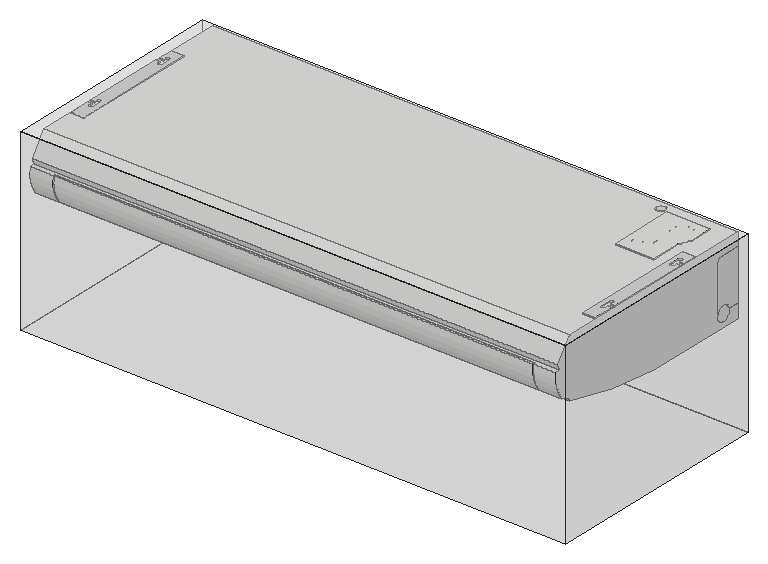
Revit family "outputfile", category 機械設備, Revit 2024
Family settings
  丸型コネクタ寸法 = 半径を使用
  パーツ タイプ = 標準
  OmniClass 番号 = 23.75.10.24.21.27.27
  OmniClass タイトル = Split System Air Conditioning Units
  作業面ベース = いいえ
  常に垂直 = はい
  ロード時にボイドで切り取り = いいえ
  注釈の向きを維持 = いいえ
  共有 = いいえ
  部屋計算ポイント = はい
Parameters (values of type "FHA125BVMA")
  Description = ""
  製造元 = "Daikin"
  書き出し IFC クラス(タイプ) = "IfcUnitaryEquipmentType"
  定義済み IFC タイプ(タイプ) = "AIRCONDITIONINGUNIT"
  Cost = 0
  モデル = "FHA125BVMA"
  Type Comments = ""
  Keynote = ""
  Type Image = (empty or 0)
  Assembly Code = ""
  switch_frequency = yes
  r_Liquid Pipe Size = Liquid Pipe Size / 2  # 4.75 mm
  r_Gas Pipe Size = Gas Pipe Size / 2  # 7.95 mm
  r_Drain Pipe Size = Drain Pipe Size / 2  # 10.0 mm
  l_powersupply [instance] = if(Rear Right Connection_powersupply, 29.0 mm, 175.0 mm)  # 29.0 mm
  h_mountinghole = 2.0 mm  # constant formula
  connector_voltage = Voltage_50Hz  # 230 V
  connector_powerinput = [Power Input (Cooling)]  # 3.650 kW
  connector_phase = Phase_50Hz  # 1
  angle_vertical_powersupply [instance] = if(Rear Right Connection_powersupply, 90.00°, 180.00°)  # 90.00°
  angle_vertical_drainpipe [instance] = if(or(Left Connection_drainpipe, Right Connection_drainpipe), 90.00°, if(Top Connection_drainpipe, 180.00°, -90.00°))  # -90.00°
  angle_horizontal_powersupply [instance] = if(Rear Right Connection_powersupply, 180.00°, 0.00°)  # 180.00°
  angle_horizontal_drainpipe [instance] = if(Right Connection_drainpipe, 90.00°, if(Left Connection_drainpipe, -90.00°, 0.00°))  # 0.00°
  Voltage_comment_60Hz = "220-230"
  Voltage_comment_50Hz = "220 - 240"
  Voltage_60Hz = 220 V
  Voltage_50Hz = 230 V
  URL = ""
  Total Heating Capacity [instance] = 0.000 kW
  Top Connection_refrigerant [instance] = no
  Top Connection_powersupply [instance] = not(Rear Right Connection_powersupply)  # no
  Right Connection_refrigerant [instance] = no
  Rear Right Connection_refrigerant [instance] = yes
  Power Input (Heating) = 4.210 kW
  Phase_60Hz = 1
  Phase_50Hz = 1
  Nominal Heating Capacity = 15.000 kW
  Minimum Circuit Amps_60Hz = 0.0 A
  Minimum Circuit Amps_50Hz = 0.0 A
  Maximum Fuse Amps_60Hz = 0.0 A
  Maximum Fuse Amps_50Hz = 0.0 A
  Material_Casing = DAIKIN_White_Casing_indoorunit
  lw_powersupply [instance] = if(Rear Right Connection_powersupply, 220.0 mm, 210.0 mm)  # 220.0 mm
  lw_mountinghole_pitch = Width - 40.0 mm  # 1550.0 mm
  lw_mountinghole = 20.0 mm  # constant formula
  lw_liquidpipe [instance] = if(Right Connection_refrigerant, 156.0 mm, if(Top Connection_refrigerant, 156.0 mm, 136.0 mm))  # 136.0 mm
  lw_gaspipe = 105.0 mm  # constant formula
  lw_drainpipe [instance] = if(Top Connection_drainpipe, 102.0 mm, if(Width = 960.0 mm, if(or(Left Connection_drainpipe, Rear Left Connection_drainpipe), 884.0 mm, 83.0 mm), if(Width = 1270.0 mm, if(or(Left Connection_drainpipe, Rear Left Connection_drainpipe), 1194.0 mm, 83.0 mm), if(Width = 1590.0 mm, if(or(Left Connection_drainpipe, Rear Left Connection_drainpipe), 1514.0 mm, 83.0 mm), 83.0 mm))))  # 83.0 mm
  lh_powersupply = 175.0 mm  # constant formula
  lh_liquidpipe [instance] = if(Rear Right Connection_refrigerant, 160.0 mm, 131.0 mm)  # 160.0 mm
  lh_gaspipe [instance] = if(Rear Right Connection_refrigerant, 150.0 mm, 91.0 mm)  # 150.0 mm
  lh_drainpipe = 197.0 mm  # constant formula
  l_antena = 1.0 mm  # constant formula
  ld_powersupply = 30.0 mm  # constant formula
  ld_mountinghole_pitch = 260.0 mm  # constant formula
  ld_mountinghole = 210.0 mm  # constant formula
  ld_liquidpipe [instance] = if(Right Connection_refrigerant, 57.0 mm, if(Top Connection_refrigerant, 189.0 mm, 221.0 mm))  # 221.0 mm
  ld_gaspipe [instance] = if(Right Connection_refrigerant, 57.0 mm, if(Top Connection_refrigerant, 163.0 mm, 214.0 mm))  # 214.0 mm
  ld_drainpipe [instance] = if(or(Left Connection_drainpipe, Right Connection_drainpipe), 57.0 mm, if(Top Connection_drainpipe, 87.0 mm, 268.0 mm))  # 268.0 mm
  l_liquidpipe_length [instance] = if(Right Connection_refrigerant, 156.0 mm, if(Top Connection_refrigerant, 131.0 mm, 220.0 mm))  # 220.0 mm
  l_gaspipe_length [instance] = if(Right Connection_refrigerant, 105.0 mm, if(Top Connection_refrigerant, 91.0 mm, 213.0 mm))  # 213.0 mm
  l_drainpipe_length [instance] = if(Right Connection_drainpipe, 83.0 mm, if(Top Connection_drainpipe, 197.0 mm, if(Left Connection_drainpipe, 76.0 mm, 267.0 mm)))  # 267.0 mm
  h*** = 0.0 mm  # constant formula
  angle_vertical [instance] = if(Right Connection_refrigerant, 90.00°, if(Top Connection_refrigerant, 180.00°, -90.00°))  # -90.00°
  angle_horizontal [instance] = if(Right Connection_refrigerant, 90.00°, 0.00°)  # 0.00°
  Width = 1590.0 mm
  Version = "ver.1.0"
  Unit Type = "Ceiling"
  Unit Mass Weight = 38.00 kg
  Unit Designation [instance] = ""
  Uniclass2015Version = "Products v1.30"
  Uniclass2015Title = "Split coil room air conditioning units"
  Uniclass2015Code = "Pr_70_65_03_86"
  Total Cooling Capacity [instance] = 0.000 kW
  Top Connection_drainpipe [instance] = no
  Sound Pressure Level_M speed (dBA) = 41
  Sound Pressure Level_L speed (dBA) = 37
  Sound Pressure Level_H speed (dBA) = 44
  Series = "SkyAir_Fan Coil Unit"
  Sensible Cooling Capacity [instance] = 0.000 kW
  Rear Right Connection_drainpipe [instance] = yes
  Rear Right Connection_powersupply [instance] = yes
  Right Connection_drainpipe [instance] = no
  Refrigerant Type = "R32"
  Power Input (Cooling) = 3.650 kW
  Option Accessory 3 [instance] = ""
  Option Accessory 2 [instance] = ""
  Option Accessory 1 [instance] = ""
  Nominal Cooling Capacity = 12.500 kW
  Minimum Airflow = 1380.00 m³/h
  Median Airflow = 1620.00 m³/h
  Maximum Airflow = 1860.00 m³/h
  Load Classification = HVAC
  Liquid Pipe Size = 9.5 mm
  Link_Nested Family [instance] = ""
  Rear Left Connection_drainpipe [instance] = no
  Left Connection_drainpipe [instance] = no
  IfcVersion = ""
  IfcExportType = "AIRCONDITIONINGUNIT"
  IfcExportAs = "IfcUnitaryEquipmentType"
  Height = 235.0 mm
  Heating Entering Wet Bulb Temperature [instance] = -273.15 °C
  Heating Entering Dry Bulb Temperature [instance] = -273.15 °C
  Heating Ambient Wet Bulb Temperature [instance] = -273.15 °C
  Heating Ambient Dry Bulb Temperature [instance] = -273.15 °C
  Heat Exchanger Type = "Cross Fin Coil"
  Gas Pipe Size = 15.9 mm
  Frequency_60Hz = 60 Hz
  Frequency_50Hz = 50 Hz
  Fan Type = "Sirocco Fan"
  Fan Drive = "-"
  FCU Tag No. [instance] = ""
  Drain Pipe Size = 20.0 mm
  Design Supply Airflow [instance] = 0.00 m³/h
  Design Outdoor Airflow [instance] = 0.00 m³/h
  Depth = 690.0 mm
  既定の高さ = 0.0 mm
  Cooling Entering Wet Bulb Temperature [instance] = 0.00 °C
  Cooling Entering Dry Bulb Temperature [instance] = 0.00 °C
  Cooling Ambient Wet Bulb Temperature [instance] = 0.00 °C
  Cooling Ambient Dry Bulb Temperature [instance] = 0.00 °C
  Clearance visibility [instance] = yes
  Clearance Top = 5.0 mm
  Clearance Right = 30.0 mm
  Clearance Rear = 0.0 mm
  Clearance Left = 30.0 mm
  Clearance Front = 0.0 mm
  Clearance Bottom = 300.0 mm
Reference planes
  plane 1 "Back": y = 0
  plane 2: z = 0
  plane 3 "Center (Left/Right)": x = 0
  plane 4 "Center (Front/Back)": y = -1
  plane 5 "Front": y = -690
  plane 6 "Left": x = -795
  plane 7 "Right": x = 795
  plane 8 "Top": z = 0
  plane 9 "Bottom": z = -235
  plane 10: y = -690
  plane 11: x = -825
  plane 12: x = 825
  plane 13: z = 5
  plane 14: z = -535
  plane 15: y = 0
  plane 16 "lw_mountinghole": x = -775
  plane 17 "lw_mountinghole2": x = 775
  plane 18 "ld_mountinghole": y = -210
  plane 19 "ld_mountinghole2": y = -470
  plane 20 "lw_gaspipe": x = 690
  plane 21 "ld_gaspipe": y = -214
  plane 22 "lh_gaspipe": z = -150
  plane 23 "lw_liquidpipe": x = 659
  plane 24 "ld_liquidpipe": y = -221
  plane 25 "lh_liquidpipe": z = -160
  plane 26 "ld_drainpipe": y = -268
  plane 27 "lw_drainpipe": x = 712
  plane 28 "lh_drainpipe": z = -197
  plane 29 "lw_powersupply": x = 575
  plane 30 "lh_powersupply": z = -175
  plane 31 "ld_powersupply": y = -30
  plane 32: x = -725.5
  plane 33: x = 725.5
  plane 34: x = -750
  plane 35: x = 750
  plane 36: x = -2
  plane 37: x = 2
Forms (mm)
  Extrusion 1, solid, material "DAIKIN_White_Casing_indoorunit" <- "Material_Casing"
    sketch origin (0, 0, 0) x (0, 1, 0) y (0, 0, 1)
      loop
        line (-639.277, 0) -> (-680.876, -61.699) -> (-675.026, -77.772)
        arc (-675.026, -77.772) -> (-681.815, -78.743) -> (-688.601, -79.732) r 2634.132
        arc (-688.601, -79.732) -> (-687.018, -121.096) -> (-669.159, -158.439) r 102.2
        line (-669.159, -158.439) -> (-639.858, -169.325) -> (-635.895, -178.261)
        arc (-635.895, -178.261) -> (-479.121, -215.759) -> (-319.077, -235) r 1400.997
        line (-319.077, -235) -> (-1, -235) -> (-1, 0) -> (-639.277, 0)
    from -795 to 795
  Extrusion 2, solid, material "DAIKIN_White_Casing_indoorunit" <- "Material_Casing"
    sketch origin (0, 0, 0) x (0, 1, 0) y (0, 0, 1)
      loop
        arc (-688.601, -79.732) -> (-687.018, -121.096) -> (-669.159, -158.439) r 102.2
        line (-669.159, -158.439) -> (-665.589, -154.869)
        arc (-665.589, -154.869) -> (-682.432, -118.783) -> (-683.39, -78.971) r 97.2
        arc (-683.39, -78.971) -> (-685.996, -79.351) -> (-688.601, -79.732) r 2634.132
    from -725.5 to 725.5
  Extrusion 3, void
    sketch origin (0, 0, 0) x (0, 1, 0) y (0, 0, 1)
      loop
        line (-301.098, -235) -> (-21.098, -235) -> (-21.098, -230) -> (-301.098, -230) -> (-301.098, -235)
    from -750 to 750
  Extrusion 4, solid, material "DAIKIN_White_Grille_indoorunit"
    sketch origin (0, 0, 0) x (0, 1, 0) y (0, 0, 1)
      loop
        line (-20.098, -230) -> (-301.098, -230) -> (-301.098, -235) -> (-20.098, -235) -> (-20.098, -230)
    from -750 to -2
  Extrusion 5, solid, material "DAIKIN_White_Casing_indoorunit" <- "Material_Casing"
    sketch origin (0, 0, 0) x (1, 0, 0) y (0, 0, 1)
      loop
        line (602, -63) -> (602, -178) -> (673, -220) -> (736, -220) -> (736, -63) -> (602, -63)
    from 0 to 1
  Extrusion 6, solid, material "DAIKIN_White_Casing_indoorunit" <- "Material_Casing"
    sketch origin (0, 0, 0) x (-1, 0, 0) y (0, -1, 0)
      loop
        line (-607, 35) -> (-607, 230) -> (-723, 230) -> (-723, 135) -> (-738, 105) -> (-738, 35) -> (-607, 35)
    from 0 to 1.9
  Extrusion 7, void
    sketch origin (795, 0, 0) x (0, 1, 0) y (0, 0, 1)
      loop
        arc (-79.5, -197) -> (-55.446, -219.446) -> (-34.715, -193.9) r 22.5
        line (-34.715, -193.9) -> (-1, -193.9) -> (-1, -192.1) -> (-35.04, -192.1)
        arc (-35.04, -192.1) -> (-54.942, -174.594) -> (-77.7, -188.182) r 22.5
        line (-77.7, -188.182) -> (-77.7, -45)
        arc (-77.7, -45) -> (-76.528, -42.172) -> (-73.7, -41) r 4
        line (-73.7, -41) -> (-1, -41) -> (-1, -39.2) -> (-73.7, -39.2)
        arc (-73.7, -39.2) -> (-77.801, -40.899) -> (-79.5, -45) r 5.8
        line (-79.5, -45) -> (-79.5, -197)
      loop
        circle (-57, -197) r 20.7
    from 0 to -10
  Extrusion 8, void
    sketch origin (-1444.026, -1, 1200) x (1, 0, 0) y (0, 0, 1)
      loop
        arc (715.026, -1375) -> (704.42, -1379.393) -> (700.026, -1390) r 15
        line (700.026, -1390) -> (700.026, -1400)
        arc (700.026, -1400) -> (704.42, -1410.607) -> (715.026, -1415) r 15
        line (715.026, -1415) -> (745.026, -1415)
        arc (745.026, -1415) -> (755.633, -1410.607) -> (760.026, -1400) r 15
        line (760.026, -1400) -> (760.026, -1390)
        arc (760.026, -1390) -> (755.633, -1379.393) -> (745.026, -1375) r 15
        line (745.026, -1375) -> (715.026, -1375)
    from 0 to 10
  Extrusion 9, void
    sketch origin (-795, 0, 0) x (0, 1, 0) y (0, 0, 1)
      loop
        circle (-57, -197) r 22.5
    from 0 to 10
  Extrusion 10, void
    sketch origin (-1444.026, -1, 1200) x (1, 0, 0) y (0, 0, 1)
      loop
        circle (2136.026, -1375) r 44
    from 0 to 10
  Extrusion 11, void
    sketch origin (0, 0, 0) x (-1, 0, 0) y (0, -1, 0)
      loop
        circle (-693, 87) r 30
    from 0 to -10
  Extrusion 12, void
    sketch origin (0, 0, 0) x (-1, 0, 0) y (0, -1, 0)
      loop
        circle (-690, 163) r 18
    from 0 to -10
  Extrusion 13, void
    sketch origin (0, 0, 0) x (-1, 0, 0) y (0, -1, 0)
      loop
        circle (-639, 189) r 13
    from 0 to -10
  Extrusion 14, void
    sketch origin (-1444.026, -1, 1200) x (1, 0, 0) y (0, 0, 1)
      loop
        circle (2019.026, -1375) r 14.5
    from 0 to 10
  Extrusion 15, void
    sketch origin (0, 0, 0) x (-1, 0, 0) y (0, -1, 0)
      loop
        circle (-585, 30) r 14.5
    from 0 to -10
  Extrusion 16, void
    sketch origin (795, 0, 0) x (0, 1, 0) y (0, 0, 1)
      loop
        arc (-665.589, -154.869) -> (-682.432, -118.783) -> (-683.39, -78.971) r 97.2
        arc (-683.39, -78.971) -> (-685.996, -79.351) -> (-688.601, -79.732) r 2634.132
        arc (-688.601, -79.732) -> (-687.018, -121.096) -> (-669.159, -158.439) r 102.2
        line (-669.159, -158.439) -> (-665.589, -154.869)
    from -69.5 to -1520.5
  Extrusion 17, solid, material "DAIKIN_White_Casing_indoorunit" <- "Material_Casing"
    sketch origin (-795, 0, 0) x (0, 1, 0) y (0, 0, 1)
      loop
        circle (-57, -197) r 22.5
    from 0 to 10
  Extrusion 18, solid, material "DAIKIN_White_Grille_indoorunit"
    sketch origin (780, 0, 0) x (0, 1, 0) y (0, 0, 1)
      loop
        line (-20.098, -230) -> (-301.098, -230) -> (-301.098, -235) -> (-20.098, -235) -> (-20.098, -230)
    from -782 to -778
  Extrusion 19, solid, material "DAIKIN_White_Grille_indoorunit"
    sketch origin (0, 0, 0) x (0, 1, 0) y (0, 0, -1)
      loop
        line (-20.098, 230) -> (-20.098, 235) -> (-301.098, 235) -> (-301.098, 230) -> (-20.098, 230)
    from -750 to -2
Cuts and joins
  Extrusion 3, Extrusion 7, Extrusion 8, Extrusion 9, Extrusion 10, Extrusion 11, Extrusion 12, Extrusion 13, Extrusion 14, Extrusion 15, Extrusion 16 cuts Extrusion 1
Lines and regions (mm)
  reference lines
    curve 1: line (795, -580.282, -192.75) -> (795, -551.225, -200.21)
Dimensions and locks
  equal spacing: plane 6 "Left", plane 3 "Center (Left/Right)", plane 7 "Right"
  "Width": plane 6 "Left" to plane 7 "Right"
  "Depth": plane 5 "Front" to plane 1 "Back"
  "Height": plane 8 "Top" to plane 9 "Bottom"
  "Clearance Front": plane 10 to plane 5 "Front"
  "Clearance Left": plane 11 to plane 6 "Left"
  "Clearance Right": plane 7 "Right" to plane 12
  "Clearance Top": plane 13 to plane 8 "Top"
  "Clearance Bottom": plane 9 "Bottom" to plane 14
  "Clearance Rear": plane 1 "Back" to plane 15
  locked: plane 4 "Center (Front/Back)" to plane 1 "Back" at 1
  locked: Extrusion 1 sketch curve to Extrusion 1 sketch curve at 235
  locked: Extrusion 1 sketch curve to Extrusion 1 sketch curve at 318.077
  locked: Extrusion 1 sketch curve to Extrusion 1 sketch curve at 1163.297
  locked: Extrusion 1 sketch curve to Extrusion 1 sketch curve at 231.144
  Extrusion 3 sketch curve to Extrusion 3 sketch curve to plane 1 "Back" = 280.0 mm locked, 21.098 mm locked
  "ld_mountinghole": plane 18 "ld_mountinghole" to plane 1 "Back"
  "ld_mountinghole_pitch": plane 18 "ld_mountinghole" to plane 19 "ld_mountinghole2"
  "lw_mountinghole_pitch": plane 16 "lw_mountinghole" to plane 17 "lw_mountinghole2"
  "lw_mountinghole": plane 6 "Left" to plane 16 "lw_mountinghole"
  "lw_gaspipe": plane 20 "lw_gaspipe" to plane 7 "Right"
  "ld_gaspipe": plane 1 "Back" to plane 21 "ld_gaspipe"
  "lw_liquidpipe": plane 23 "lw_liquidpipe" to plane 7 "Right"
  "ld_liquidpipe": plane 1 "Back" to plane 24 "ld_liquidpipe"
  "lw_drainpipe": plane 27 "lw_drainpipe" to plane 7 "Right"
  "ld_drainpipe": plane 26 "ld_drainpipe" to plane 1 "Back"
  plane 8 "Top" to Extrusion 5 sketch curve to Extrusion 5 sketch curve = 63.0 mm locked, 157.0 mm locked
  plane 7 "Right" to Extrusion 5 sketch curve to Extrusion 5 sketch curve = 59.0 mm locked, 134.0 mm locked
  locked: Extrusion 5 sketch curve to Extrusion 5 sketch curve at 115
  locked: Extrusion 5 sketch curve to Extrusion 5 sketch curve at 63
  locked: Extrusion 6 sketch curve to Extrusion 6 sketch curve at 195
  locked: Extrusion 6 sketch curve to Extrusion 6 sketch curve at 116
  locked: Extrusion 6 sketch curve to Extrusion 6 sketch curve at 131
  locked: Extrusion 6 sketch curve to Extrusion 6 sketch curve at 100
  locked: Extrusion 6 sketch curve to plane 1 "Back" at 35
  locked: Extrusion 6 sketch curve to plane 7 "Right" at 57
  locked: Extrusion 8 sketch curve to Extrusion 8 sketch curve at 40
  locked: Extrusion 8 sketch curve to Extrusion 8 sketch curve at 60
  locked: plane 8 "Top" to Extrusion 8 sketch curve at 175
  locked: Extrusion 8 sketch curve to plane 6 "Left" at 51
  locked: plane 7 "Right" to Extrusion 10 sketch curve at 103
  locked: plane 8 "Top" to Extrusion 10 sketch curve at 175
  locked: Extrusion 11 sketch curve to plane 1 "Back" at 87
  locked: Extrusion 11 sketch curve to plane 7 "Right" at 102
  locked: Extrusion 12 sketch curve to plane 1 "Back" at 163
  locked: Extrusion 12 sketch curve to plane 7 "Right" at 105
  locked: Extrusion 13 sketch curve to plane 1 "Back" at 189
  locked: Extrusion 13 sketch curve to plane 7 "Right" at 156
  "lw_powersupply": plane 29 "lw_powersupply" to plane 7 "Right"
  "lh_gaspipe": plane 8 "Top" to plane 22 "lh_gaspipe"
  "lh_liquidpipe": plane 8 "Top" to plane 25 "lh_liquidpipe"
  "lh_powersupply": plane 8 "Top" to plane 30 "lh_powersupply"
  "lh_drainpipe": plane 8 "Top" to plane 28 "lh_drainpipe"
  "ld_powersupply": plane 1 "Back" to plane 31 "ld_powersupply"
  locked: plane 8 "Top" to Extrusion 7 sketch curve at 197
  locked: Extrusion 7 sketch curve to plane 1 "Back" at 57
  locked: plane 9 "Bottom" to Extrusion 7 sketch curve at 41.1
  locked: Extrusion 7 sketch curve to plane 8 "Top" at 41
  locked: Extrusion 7 sketch curve to plane 1 "Back" at 79.5
  locked: Extrusion 9 sketch curve to plane 1 "Back" at 57
  locked: plane 8 "Top" to Extrusion 9 sketch curve at 197
  locked: Extrusion 17 sketch curve to plane 1 "Back" at 57
  locked: plane 8 "Top" to Extrusion 17 sketch curve at 197
  locked: plane 7 "Right" to Extrusion 14 sketch curve at 220
  locked: plane 8 "Top" to Extrusion 14 sketch curve at 175
  locked: Extrusion 15 sketch curve to plane 7 "Right" at 210
  locked: Extrusion 15 sketch curve to plane 1 "Back" at 30
  locked: curve 1 to plane 9 "Bottom" at 34.79
  locked: curve 1 to plane 9 "Bottom" at 42.25
  locked: plane 6 "Left" to plane 32 at 69.5
  locked: plane 33 to plane 7 "Right" at 69.5
  locked: plane 35 to plane 7 "Right" at 45
  locked: plane 6 "Left" to plane 34 at 45
  plane 36 to plane 3 "Center (Left/Right)" to plane 37 = 2.0 mm locked, 2.0 mm locked
  locked: curve 1 to plane 9 "Bottom" (angle 14.40°)
  aligned and locked: level to plane 2
  aligned and locked: nested 1 to plane 11
  aligned and locked: nested 1 to plane 12
  aligned and locked: nested 1 to plane 10
  aligned and locked: plane 13 to nested 1
  aligned and locked: plane 14 to nested 1
  aligned and locked: plane 15 to nested 1
  aligned and locked: Extrusion 1 sketch curve to plane 8 "Top"
  aligned and locked: Extrusion 2 sketch curve to Extrusion 1  (x2)
  aligned and locked: plane 7 "Right" to Extrusion 1
  aligned and locked: Extrusion 1 to plane 6 "Left"
  aligned and locked: cut or joined group 1 (Extrusion 1, Extrusion 3, Extrusion 7, Extrusion 8, Extrusion 9, Extrusion 10, Extrusion 11, Extrusion 12, Extrusion 13, Extrusion 14, Extrusion 15, Extrusion 16) to Extrusion 3 sketch curve
  aligned and locked: cut or joined group 1 to Extrusion 4 sketch curve
  aligned and locked: Extrusion 5 to plane 4 "Center (Front/Back)"
  aligned and locked: Extrusion 7 sketch curve to plane 4 "Center (Front/Back)"
  aligned and locked: Extrusion 16 sketch curve to Extrusion 2  (x4)
  aligned and locked: Extrusion 16 to Extrusion 2  (x2)
  aligned and locked: nested 2 to plane 26 "ld_drainpipe"
  aligned and locked: plane 27 "lw_drainpipe" to nested 2
  aligned and locked: plane 20 "lw_gaspipe" to nested 3
  aligned and locked: nested 3 to plane 21 "ld_gaspipe"
  aligned and locked: plane 23 "lw_liquidpipe" to nested 4
  aligned and locked: nested 4 to plane 24 "ld_liquidpipe"
  aligned and locked: plane 25 "lh_liquidpipe" to nested 4
  aligned and locked: nested 5 to plane 31 "ld_powersupply"
  aligned and locked: plane 29 "lw_powersupply" to nested 5
  aligned and locked: nested 7 to plane 18 "ld_mountinghole"
  aligned and locked: plane 16 "lw_mountinghole" to nested 7
  aligned and locked: nested 6 to plane 19 "ld_mountinghole2"
  aligned and locked: plane 16 "lw_mountinghole" to nested 6
  aligned and locked: nested 9 to plane 18 "ld_mountinghole"
  aligned and locked: plane 17 "lw_mountinghole2" to nested 9
  aligned and locked: plane 17 "lw_mountinghole2" to nested 8
  aligned and locked: nested 8 to plane 19 "ld_mountinghole2"
  aligned and locked: nested 10 to curve 1
  aligned and locked: level to plane 8 "Top"
  aligned and locked: cut or joined group 1 to plane 32
  aligned and locked: plane 33 to cut or joined group 1
  aligned and locked: Extrusion 16 to plane 32
  aligned and locked: plane 33 to Extrusion 16
  aligned and locked: Extrusion 4 to plane 34
  aligned and locked: cut or joined group 1 to plane 34
  aligned and locked: plane 34 to Extrusion 4  (x3)
  aligned and locked: plane 16 "lw_mountinghole" to nested 11
  aligned and locked: plane 17 "lw_mountinghole2" to nested 12
  aligned and locked: plane 36 to Extrusion 4
  aligned and locked: Extrusion 18 to plane 36
  aligned and locked: plane 37 to Extrusion 18
  aligned and locked: Extrusion 19 to plane 37
  aligned and locked: plane 37 to Extrusion 19
  aligned and locked: plane 35 to Extrusion 19
  aligned and locked: plane 35 to Extrusion 3
  aligned and locked: Extrusion 4 to cut or joined group 1
  aligned and locked: cut or joined group 1 to Extrusion 18
  aligned and locked: cut or joined group 1 to Extrusion 19
Automatic sketch dimensions
  Extrusion 1 sketch curve to plane 4 "Center (Front/Back)" = 0.0 mm
  Extrusion 1 sketch curve to plane 5 "Front" = 102.2 mm
  Extrusion 1 sketch curve to plane 30 "lh_powersupply" = 3.261 mm
  Extrusion 1 sketch curve to plane 5 "Front" = 50.723 mm
  plane 30 "lh_powersupply" to Extrusion 1 sketch curve = 5.675 mm
  Extrusion 1 sketch curve to Extrusion 1 sketch curve = 3.963 mm
  plane 25 "lh_liquidpipe" to Extrusion 1 sketch curve = 1.561 mm
  Extrusion 1 sketch curve to plane 5 "Front" = 20.841 mm
  Extrusion 1 sketch curve to plane 5 "Front" = 14.974 mm
  Extrusion 1 sketch curve to plane 5 "Front" = 9.124 mm
  Extrusion 1 sketch curve to plane 26 "ld_drainpipe" = 37.278 mm
  Extrusion 1 sketch curve to plane 14 = 2150.825 mm
  plane 22 "lh_gaspipe" to Extrusion 1 sketch curve = 53.413 mm
  Extrusion 1 sketch curve to level = 77.772 mm
  Extrusion 1 sketch curve to Extrusion 1 sketch curve = 16.072 mm
  Extrusion 2 sketch curve to Extrusion 2 sketch curve = 0.0 mm  (x2)
  plane 25 "lh_liquidpipe" to Extrusion 2 sketch curve = 1.561 mm
  Extrusion 2 sketch curve to plane 22 "lh_gaspipe" = 4.869 mm
  Extrusion 2 sketch curve to Extrusion 2 sketch curve = 3.57 mm
  Extrusion 3 sketch curve to Extrusion 3 sketch curve = 5.0 mm
  plane 31 "ld_powersupply" to Extrusion 4 sketch curve = 9.902 mm
  Extrusion 4 sketch curve to Extrusion 4 sketch curve = 5.0 mm
  Extrusion 6 sketch curve to Extrusion 6 sketch curve = 30.0 mm
  Extrusion 7 sketch curve to Extrusion 7 sketch curve = 0.0 mm  (x6)
  Extrusion 7 sketch curve to plane 4 "Center (Front/Back)" = 0.0 mm
  Extrusion 7 sketch curve to Extrusion 7 sketch curve = 1.8 mm  (x2)
  Extrusion 7 sketch curve to Extrusion 7 sketch curve = 4.0 mm
  Extrusion 7 sketch curve to Extrusion 7 sketch curve = 0.325 mm
  Extrusion 8 sketch curve to plane 32 = 3.5 mm  (x2)
  Extrusion 8 sketch curve to plane 28 "lh_drainpipe" = 3.0 mm
  Extrusion 8 sketch curve to Extrusion 8 sketch curve = 15.0 mm
  curve 1 to plane 5 "Front" = 109.718 mm
  Extrusion 18 sketch curve to plane 9 "Bottom" = 0.0 mm
  plane 9 "Bottom" to Extrusion 18 sketch curve = 5.0 mm
  Extrusion 18 sketch curve to plane 26 "ld_drainpipe" = 33.098 mm
  plane 31 "ld_powersupply" to Extrusion 18 sketch curve = 9.902 mm
  Extrusion 19 sketch curve to plane 9 "Bottom" = 0.0 mm
  plane 9 "Bottom" to Extrusion 19 sketch curve = 5.0 mm
  Extrusion 19 sketch curve to plane 26 "ld_drainpipe" = 33.098 mm
  plane 31 "ld_powersupply" to Extrusion 19 sketch curve = 9.902 mm
  Extrusion 4 sketch curve to plane 26 "ld_drainpipe" = 33.098 mm
  radius of Extrusion 7 sketch curve = 20.7 mm
  radius of Extrusion 9 sketch curve = 22.5 mm
  radius of Extrusion 10 sketch curve = 44.0 mm
  radius of Extrusion 11 sketch curve = 30.0 mm
  radius of Extrusion 12 sketch curve = 18.0 mm
  radius of Extrusion 13 sketch curve = 13.0 mm
  radius of Extrusion 14 sketch curve = 14.5 mm
  radius of Extrusion 15 sketch curve = 14.5 mm
  radius of Extrusion 17 sketch curve = 22.5 mm
Nested families
  nested 1: "daikin_clearancespace" at (0, -345, -264.881), visible <- "Clearance visibility", show <- "Clearance visibility", Link_Nested Family <- "Link_Nested Family", type "daikin_clearancespace"
    with width 1650.0 mm, show yes, height 540.0 mm, depth 690.0 mm, Link_Nested Family ""
  nested 2: "daikin_connector_rotate3" at (712, -268, -197), radius <- "r_Drain Pipe Size", angle_vertical <- "angle_vertical_drainpipe", angle_horizontal <- "angle_horizontal_drainpipe", length <- "l_drainpipe_length", type "daikin_connector_rotate3"
    with show no, radius 10.0 mm, length 267.0 mm, angle_vertical -90.00°, angle_horizontal 0.00°
  nested 3: "daikin_connector_rotate3" at (690, -214, -150), radius <- "r_Gas Pipe Size", angle_vertical <- "angle_vertical", angle_horizontal <- "angle_horizontal", length <- "l_gaspipe_length", type "daikin_connector_rotate3"
    with show no, radius 7.95 mm, length 213.0 mm, angle_vertical -90.00°, angle_horizontal 0.00°
  nested 4: "daikin_connector_rotate3" at (659, -221, -160), radius <- "r_Liquid Pipe Size", angle_vertical <- "angle_vertical", angle_horizontal <- "angle_horizontal", length <- "l_liquidpipe_length", type "daikin_connector_rotate3"
    with show no, radius 4.75 mm, length 220.0 mm, angle_vertical -90.00°, angle_horizontal 0.00°
  nested 5: "daikin_connector_rotate3" at (575, -30, -175), length <- "l_powersupply", angle_vertical <- "angle_vertical_powersupply", angle_horizontal <- "angle_horizontal_powersupply", type "daikin_connector_rotate3"
    with show no, radius 10.0 mm, length 29.0 mm, angle_vertical 90.00°, angle_horizontal 180.00°
  nested 6: "daikin_mountinghole" at (-775, -470, 0), l_antenna <- "l_antena", Link_Nested Family <- "Link_Nested Family", h_mountinghole <- "h_mountinghole", type "daikin_mountinghole"
    with show yes, l_antenna 1.0 mm, h_mountinghole 2.0 mm, Link_Nested Family ""
  nested 7: "daikin_mountinghole" at (-775, -210, 0), l_antenna <- "l_antena", Link_Nested Family <- "Link_Nested Family", h_mountinghole <- "h_mountinghole", type "daikin_mountinghole"
    with show yes, l_antenna 1.0 mm, h_mountinghole 2.0 mm, Link_Nested Family ""
  nested 8: "daikin_mountinghole" at (775, -470, 0), l_antenna <- "l_antena", Link_Nested Family <- "Link_Nested Family", h_mountinghole <- "h_mountinghole", type "daikin_mountinghole"
    with show yes, l_antenna 1.0 mm, h_mountinghole 2.0 mm, Link_Nested Family ""
  nested 9: "daikin_mountinghole" at (775, -210, 0), Link_Nested Family <- "Link_Nested Family", l_antenna <- "l_antena", h_mountinghole <- "h_mountinghole", type "daikin_mountinghole"
    with show yes, l_antenna 1.0 mm, h_mountinghole 2.0 mm, Link_Nested Family ""
  nested 10: "daikin_logo_plane_w40" at (647.963, -559.801, -198.008) x (1, 0, 0) z (0, -0.2487, -0.9686), type "daikin_logo_plane_w40"
    with show_logo yes
  nested 11: "daikin_hangerfixture_FHA-BVMA" at (-775, 0, 0), type "daikin_hangerfixture_FHA-BVMA"
    with width 38.0 mm, height 2.0 mm, depth 380.0 mm
  nested 12: "daikin_hangerfixture_FHA-BVMA" at (775, 0, 0) x (-1, 0, 0) z (0, 0, 1), type "daikin_hangerfixture_FHA-BVMA"
    with width 38.0 mm, height 2.0 mm, depth 380.0 mm
Connectors
  piping at (712, -1, -197), diameter 20, driven by "r_Drain Pipe Size"
    settings: on nested 2, index 1, connector inside diameter 609.6 mm, connector length 0.0 mm, flow factor 0, pipe flow 0.00 m³/h, pressure drop 0.0 Pa, fitting loss kfactor 0, connector angle 0.00°, fixture units 0, engagement length 0.0 mm, angle of deflection 0.00°, flow configuration 1, flow direction 2, fitting loss method 4, system type 16, joint type 0, gender type 0, connector reference index -1, connector utility 0, adjustable connector no, is connector primary yes, connector description "Condensate Drain Piping"
  piping at (690, -1, -150), diameter 15.9, driven by "r_Gas Pipe Size"
    settings: on nested 3, index 3, connector inside diameter 609.6 mm, connector length 0.0 mm, flow factor 0, pipe flow 0.00 m³/h, pressure drop 0.0 Pa, fitting loss kfactor 0, connector angle 0.00°, fixture units 0, engagement length 0.0 mm, angle of deflection 0.00°, flow configuration 1, flow direction 2, fitting loss method 0, system type 29, joint type 0, gender type 0, connector reference index -1, connector utility 0, adjustable connector no, is connector primary no, connector description "Refrigerant Gas Piping"
  piping at (659, -1, -160), diameter 9.5, driven by "r_Liquid Pipe Size"
    settings: on nested 4, index 4, connector inside diameter 609.6 mm, connector length 0.0 mm, flow factor 0, pipe flow 0.00 m³/h, pressure drop 0.0 Pa, fitting loss kfactor 0, connector angle 0.00°, fixture units 0, engagement length 0.0 mm, angle of deflection 0.00°, flow configuration 1, flow direction 1, fitting loss method 0, system type 29, joint type 0, gender type 0, connector reference index -1, connector utility 0, adjustable connector no, is connector primary no, connector description "Refrigerant Liquid Piping"
  electrical at (575, -1, -175), driven by "Load Classification", driven by "connector_powerinput", driven by "connector_phase", driven by "connector_voltage"
    settings: on nested 5, index 6, voltage 230 V, apparent load 3650 VA, apparent load phase1 0 VA, apparent load phase2 0 VA, apparent load phase3 0 VA, power factor 1, load classification "HVAC", number of poles 1, system type 30, power factor state 1, is connector primary yes, connector utility no, sub classification motor no, connector description "Power Supply"
Definition of nested family "daikin_clearancespace"
  Parameters (values of type "daikin_clearancespace")
    Description = "daikin_clearancespace"
    width [instance] = 1823.963 mm
    show [instance] = yes
    material = none
    height [instance] = 1359.762 mm
    depth [instance] = 880.0 mm
    Default Elevation = 0.0 mm
    Link_Nested Family [instance] = ""
  Reference planes
    plane 1 "Center (Front/Back)": y = 0
    plane 2 "Center (Elevation)": z = -0.119
    plane 3 "Center (Left/Right)": x = 0
    plane 4: y = 440
    plane 5: y = -440
    plane 6 "Right": x = 911.982
    plane 7 "Left": x = -911.982
    plane 8 "Top": z = 679.762
    plane 9 "Bottom": z = -680
  Forms (mm)
    Extrusion 1, solid, material <- "material", visible <- "show"
      sketch origin (0, 0, 0) x (1, 0, 0) y (0, 1, 0)
        loop
          line (-911.982, 440) -> (-911.982, -440) -> (911.982, -440) -> (911.982, 440) -> (-911.982, 440)
      from -680 to 679.762
  Lines and regions (mm)
    symbolic lines, visible <- "show"
      curve 1: line (911.982, 440, 0) -> (-911.982, 440, 0)
      curve 2: line (-911.982, 440, 0) -> (-911.982, -440, 0)
      curve 3: line (-911.982, -440, 0) -> (911.982, -440, 0)
      curve 4: line (911.982, -440, 0) -> (911.982, 440, 0)
      curve 5: line (911.982, 0, 679.762) -> (-911.982, 0, 679.762)
      curve 6: line (911.982, 0, -680) -> (911.982, 0, 679.762)
      curve 7: line (-911.982, 0, -680) -> (911.982, 0, -680)
      curve 8: line (-911.982, 0, 679.762) -> (-911.982, 0, -680)
      curve 9: line (0, 440, 679.762) -> (0, -440, 679.762)
      curve 10: line (0, -440, 679.762) -> (0, -440, -680)
      curve 11: line (0, 440, -680) -> (0, 440, 679.762)
      curve 12: line (0, -440, -680) -> (0, 440, -680)
  Dimensions and locks
    "width": plane 7 "Left" to plane 6 "Right"
    "depth": plane 4 to plane 5
    "height": plane 8 "Top" to plane 9 "Bottom"
    equal spacing: plane 7 "Left", plane 3 "Center (Left/Right)", plane 6 "Right"
    equal spacing: plane 4, plane 1 "Center (Front/Back)", plane 5
    equal spacing: plane 8 "Top", plane 2 "Center (Elevation)", plane 9 "Bottom"
    aligned and locked: level to plane 2 "Center (Elevation)"
    aligned and locked: Extrusion 1 sketch curve to plane 4
    aligned and locked: plane 7 "Left" to Extrusion 1 sketch curve
    aligned and locked: Extrusion 1 sketch curve to plane 5
    aligned and locked: Extrusion 1 sketch curve to plane 6 "Right"
    aligned and locked: plane 8 "Top" to Extrusion 1
    aligned and locked: curve 1 to Extrusion 1
    aligned and locked: curve 2 to Extrusion 1
    aligned and locked: curve 3 to Extrusion 1
    aligned and locked: curve 4 to Extrusion 1
    aligned and locked: curve 5 to Extrusion 1
    aligned and locked: curve 6 to Extrusion 1
    aligned and locked: curve 7 to Extrusion 1
    aligned and locked: curve 8 to Extrusion 1
    aligned and locked: curve 9 to Extrusion 1
    aligned and locked: curve 10 to Extrusion 1
    aligned and locked: curve 11 to Extrusion 1
    aligned and locked: curve 12 to Extrusion 1
    aligned and locked: Extrusion 1 to plane 9 "Bottom"
Definition of nested family "daikin_logo_plane_w40"
  Parameters (values of type "daikin_logo_plane_w40")
    width = 40.0 mm
    show_logo [instance] = yes
    material = none
    height = 0.0 mm
    depth = 0.0 mm
    Default Elevation = 1219.2 mm
  Reference planes
    plane 1 "Center (Front/Back)": y = 0
    plane 2: z = 0
    plane 3 "Center (Left/Right)": x = 0
    plane 4: z = 2
    plane 5 "left": x = -19
    plane 6: x = 19
  Forms (mm)
    Extrusion 1, solid, visible <- "show_logo"
      sketch origin (-19, 0, 0) x (1, 0, 0) y (0, 1, 0)
        loop
          line (8.902, -1.878) -> (7.789, -6.332) -> (11.13, -6.332)
          arc (11.13, -6.332) -> (12.454, -6.064) -> (13.472, -5.176) r 2.642
          arc (13.472, -5.176) -> (13.92, -4.02) -> (13.767, -2.79) r 2.537
          arc (13.767, -2.79) -> (13.452, -2.342) -> (12.982, -2.06) r 1.321
          arc (12.982, -2.06) -> (12.063, -1.902) -> (11.13, -1.878) r 6.479
          line (11.13, -1.878) -> (8.902, -1.878)
        loop
          line (10.016, -5.441) -> (10.907, -5.441)
          arc (10.907, -5.441) -> (11.591, -4.983) -> (11.988, -4.261) r 1.742
          spline (11.988, -4.261) -> (12.01, -4.155) -> (12.027, -4.03) -> (12.037, -3.893) -> (12.037, -3.747) -> (12.026, -3.598) -> (12.002, -3.451) -> (11.962, -3.31) -> (11.905, -3.181) -> (11.829, -3.069) -> (11.731, -2.978) -> (11.61, -2.913) -> (11.464, -2.88)
          line (11.464, -2.88) -> (10.573, -2.88) -> (10.016, -5.441)
        loop
          line (13.58, -6.332) -> (14.805, -6.332) -> (15.223, -5.553) -> (16.977, -5.553) -> (17.144, -6.332) -> (19.149, -6.332) -> (18.258, -1.878) -> (16.03, -1.878) -> (13.58, -6.332)
        loop
          line (16.476, -3.214) -> (15.76, -4.551) -> (16.762, -4.551) -> (16.476, -3.214)
        loop
          line (19.705, -6.332) -> (21.599, -6.332) -> (22.712, -1.878) -> (20.819, -1.878) -> (19.705, -6.332)
        loop
          line (22.712, -6.332) -> (24.606, -6.332) -> (24.908, -5.122) -> (25.831, -6.332) -> (28.17, -6.332) -> (26.388, -3.994) -> (28.949, -1.878) -> (26.945, -1.878) -> (25.401, -3.153) -> (25.719, -1.878) -> (23.826, -1.878) -> (22.712, -6.332)
        loop
          line (29.84, -1.878) -> (28.615, -6.332) -> (30.62, -6.332) -> (31.734, -1.878) -> (29.84, -1.878)
        loop
          line (31.734, -6.332) -> (33.07, -6.332) -> (33.7, -3.814) -> (34.518, -6.332) -> (36.745, -6.332) -> (37.859, -1.878) -> (36.523, -1.878) -> (35.845, -4.589) -> (34.963, -1.878) -> (32.847, -1.878) -> (31.734, -6.332)
      from 0 to 2
    Extrusion 2, solid, visible <- "show_logo"
      sketch origin (-19, 0, 0) x (1, 0, 0) y (0, 1, 0)
        loop
          line (8.7, 0) -> (4.235, 0) -> (0, -3.879) -> (0, -8) -> (8.7, 0)
      from 0 to 2
    Extrusion 3, solid, visible <- "show_logo"
      sketch origin (-19, 0, 0) x (1, 0, 0) y (0, 1, 0)
        loop
          line (0, 0) -> (0, -3.879) -> (4.235, 0) -> (0, 0)
      from 0 to 2
  Dimensions and locks
    plane 4 to plane 2 = 2.0 mm
    equal spacing: plane 5 "left", plane 3 "Center (Left/Right)", plane 6
    locked: plane 5 "left" to plane 6 at 38
    aligned and locked: level to plane 2
    aligned and locked: Extrusion 3 to plane 1 "Center (Front/Back)"  (x2)
    aligned and locked: Extrusion 2 to plane 1 "Center (Front/Back)"  (x2)
    aligned and locked: plane 4 to Extrusion 1
    aligned and locked: plane 4 to Extrusion 3
    aligned and locked: plane 4 to Extrusion 2
    aligned and locked: Extrusion 3 to plane 5 "left"
    aligned and locked: Extrusion 2 to plane 5 "left"
  Automatic sketch dimensions
    Extrusion 1 sketch curve to Extrusion 1 sketch curve = 0.901 mm
    Extrusion 1 sketch curve to Extrusion 1 sketch curve = 1.559 mm
    Extrusion 1 sketch curve to Extrusion 1 sketch curve = 1.327 mm
    Extrusion 1 sketch curve to Extrusion 1 sketch curve = 2.145 mm
    Extrusion 1 sketch curve to Extrusion 1 sketch curve = 1.448 mm
    Extrusion 1 sketch curve to Extrusion 1 sketch curve = 2.116 mm
    Extrusion 1 sketch curve to Extrusion 1 sketch curve = 1.114 mm  (x4)
    Extrusion 1 sketch curve to Extrusion 1 sketch curve = 1.336 mm  (x2)
    plane 1 "Center (Front/Back)" to Extrusion 1 sketch curve = 1.878 mm  (x5)
    Extrusion 1 sketch curve to Extrusion 1 sketch curve = 1.893 mm  (x5)
    Extrusion 1 sketch curve to Extrusion 1 sketch curve = 0.891 mm  (x4)
    Extrusion 1 sketch curve to Extrusion 1 sketch curve = 2.005 mm  (x3)
    Extrusion 1 sketch curve to Extrusion 1 sketch curve = 0.445 mm  (x2)
    plane 1 "Center (Front/Back)" to Extrusion 1 sketch curve = 3.994 mm
    Extrusion 1 sketch curve to Extrusion 1 sketch curve = 0.557 mm  (x2)
    Extrusion 1 sketch curve to Extrusion 1 sketch curve = 2.339 mm  (x2)
    Extrusion 1 sketch curve to Extrusion 1 sketch curve = 1.225 mm  (x3)
    plane 1 "Center (Front/Back)" to Extrusion 1 sketch curve = 3.153 mm
    Extrusion 1 sketch curve to Extrusion 1 sketch curve = 0.987 mm
    plane 1 "Center (Front/Back)" to Extrusion 1 sketch curve = 5.122 mm
    Extrusion 1 sketch curve to Extrusion 1 sketch curve = 0.922 mm
    plane 1 "Center (Front/Back)" to Extrusion 1 sketch curve = 6.332 mm
    Extrusion 1 sketch curve to Extrusion 1 sketch curve = 2.562 mm
    plane 1 "Center (Front/Back)" to Extrusion 1 sketch curve = 5.553 mm
    Extrusion 1 sketch curve to Extrusion 1 sketch curve = 0.167 mm
    Extrusion 1 sketch curve to Extrusion 1 sketch curve = 0.215 mm
    plane 1 "Center (Front/Back)" to Extrusion 1 sketch curve = 3.214 mm
    Extrusion 1 sketch curve to Extrusion 1 sketch curve = 0.286 mm
    plane 1 "Center (Front/Back)" to Extrusion 1 sketch curve = 4.551 mm
    Extrusion 1 sketch curve to Extrusion 1 sketch curve = 1.002 mm
    Extrusion 1 sketch curve to Extrusion 1 sketch curve = 0.537 mm
    Extrusion 1 sketch curve to Extrusion 1 sketch curve = 0.418 mm
    Extrusion 1 sketch curve to Extrusion 1 sketch curve = 1.028 mm
    plane 1 "Center (Front/Back)" to Extrusion 1 sketch curve = 4.261 mm
    Extrusion 1 sketch curve to Extrusion 1 sketch curve = 0.563 mm
    plane 1 "Center (Front/Back)" to Extrusion 1 sketch curve = 2.88 mm
    Extrusion 1 sketch curve to Extrusion 1 sketch curve = 1.088 mm
    Extrusion 1 sketch curve to Extrusion 1 sketch curve = 2.152 mm
    Extrusion 1 sketch curve to Extrusion 1 sketch curve = 0.586 mm
    Extrusion 1 sketch curve to Extrusion 1 sketch curve = 0.118 mm
    Extrusion 1 sketch curve to Extrusion 1 sketch curve = 0.298 mm
    Extrusion 1 sketch curve to Extrusion 1 sketch curve = 0.334 mm
    Extrusion 1 sketch curve to Extrusion 1 sketch curve = 0.223 mm
    Extrusion 1 sketch curve to Extrusion 1 sketch curve = 0.266 mm
    Extrusion 1 sketch curve to Extrusion 1 sketch curve = 1.671 mm
    Extrusion 1 sketch curve to Extrusion 1 sketch curve = 2.227 mm
    Extrusion 1 sketch curve to Extrusion 1 sketch curve = 0.0 mm  (x7)
    Extrusion 1 sketch curve to Extrusion 1 sketch curve = 3.453 mm
    Extrusion 1 sketch curve to Extrusion 1 sketch curve = 2.017 mm
    Extrusion 1 sketch curve to Extrusion 1 sketch curve = 0.78 mm  (x2)
    Extrusion 1 sketch curve to Extrusion 1 sketch curve = 1.743 mm
    Extrusion 1 sketch curve to Extrusion 1 sketch curve = 0.775 mm
    Extrusion 1 sketch curve to Extrusion 1 sketch curve = 0.552 mm
    Extrusion 1 sketch curve to Extrusion 1 sketch curve = 0.014 mm
    Extrusion 1 sketch curve to Extrusion 1 sketch curve = 0.952 mm
    Extrusion 1 sketch curve to Extrusion 1 sketch curve = 1.215 mm
    Extrusion 1 sketch curve to Extrusion 1 sketch curve = 0.108 mm
    plane 1 "Center (Front/Back)" to Extrusion 2 sketch curve = 0.0 mm
    Extrusion 2 sketch curve to plane 3 "Center (Left/Right)" = 19.0 mm
    Extrusion 2 sketch curve to plane 3 "Center (Left/Right)" = 14.765 mm
    Extrusion 2 sketch curve to Extrusion 2 sketch curve = 4.465 mm
    plane 1 "Center (Front/Back)" to Extrusion 2 sketch curve = 3.879 mm
    Extrusion 2 sketch curve to Extrusion 2 sketch curve = 4.12 mm
    plane 1 "Center (Front/Back)" to Extrusion 3 sketch curve = 0.0 mm
    Extrusion 3 sketch curve to plane 3 "Center (Left/Right)" = 19.0 mm
    Extrusion 3 sketch curve to plane 3 "Center (Left/Right)" = 14.765 mm
    plane 1 "Center (Front/Back)" to Extrusion 3 sketch curve = 3.879 mm
    Extrusion 1 sketch curve to plane 3 "Center (Left/Right)" = 11.211 mm
    Extrusion 1 sketch curve to Extrusion 1 sketch curve = 1.782 mm
Definition of nested family "daikin_hangerfixture_FHA-BVMA"
  Parameters (values of type "daikin_hangerfixture_FHA-CV2S")
    width = 44.0 mm
    material = none
    height = 155.0 mm
    depth = 33.0 mm
    Default Elevation = 0.0 mm
  Reference planes
    plane 1 "Center (Front/Back)": y = 0
    plane 2: z = 0
    plane 3 "Center (Left/Right)": x = 0
    plane 4: z = -2.3
    plane 5: z = -155
    plane 6: z = -12
  Forms (mm)
    Extrusion 1, solid
      sketch origin (0, 0, 0) x (1, 0, 0) y (0, 1, 0)
        loop
          line (20, -159) -> (-18, -159) -> (-18, -204) -> (-6, -204) -> (-6, -196)
          arc (-6, -196) -> (0, -190) -> (6, -196) r 6
          line (6, -196) -> (6, -224)
          arc (6, -224) -> (0, -230) -> (-6, -224) r 6
          line (-6, -224) -> (-6, -216) -> (-18, -216) -> (-18, -464) -> (-6, -464) -> (-6, -456)
          arc (-6, -456) -> (0, -450) -> (6, -456) r 6
          line (6, -456) -> (6, -484)
          arc (6, -484) -> (0, -490) -> (-6, -484) r 6
          line (-6, -484) -> (-6, -476) -> (-18, -476) -> (-18, -539) -> (20, -539) -> (20, -159)
      from 0 to 2
  Dimensions and locks
    plane 2 to plane 4 = 2.3 mm
    "height": plane 2 to plane 5
    locked: plane 2 to plane 6 at 12
    aligned and locked: level to plane 2
  Automatic sketch dimensions
    plane 3 "Center (Left/Right)" to Extrusion 1 sketch curve = 20.0 mm
    plane 1 "Center (Front/Back)" to Extrusion 1 sketch curve = 159.0 mm
    Extrusion 1 sketch curve to plane 3 "Center (Left/Right)" = 18.0 mm
    Extrusion 1 sketch curve to Extrusion 1 sketch curve = 380.0 mm
    Extrusion 1 sketch curve to Extrusion 1 sketch curve = 63.0 mm
    Extrusion 1 sketch curve to plane 3 "Center (Left/Right)" = 0.0 mm  (x4)
    plane 3 "Center (Left/Right)" to Extrusion 1 sketch curve = 6.0 mm
    Extrusion 1 sketch curve to Extrusion 1 sketch curve = 8.0 mm  (x4)
    Extrusion 1 sketch curve to Extrusion 1 sketch curve = 20.0 mm  (x2)
    Extrusion 1 sketch curve to Extrusion 1 sketch curve = 0.0 mm  (x2)
    Extrusion 1 sketch curve to Extrusion 1 sketch curve = 57.0 mm
    Extrusion 1 sketch curve to plane 3 "Center (Left/Right)" = 6.0 mm
Definition of nested family "daikin_connector_rotate3"
  Parameters (values of type "daikin_connector_rotate3")
    show [instance] = yes
    radius [instance] = 10.0 mm
    length [instance] = 600.0 mm
    angle_horizontal [instance] = 60.00°
    angle_vertical [instance] = 90.00°
    Default Elevation = 1219.2 mm
  Reference planes
    plane 1 "Center (Front/Back)": y = 0
    plane 2: z = 0
    plane 3 "Center (Left/Right)": x = 0
  Dimensions and locks
    "angle_horizontal": angle plane 3 "Center (Left/Right)" to nested 1
    aligned and locked: level to plane 2
    aligned and locked: plane 1 "Center (Front/Back)" to nested 1  (x2)
    aligned and locked: plane 3 "Center (Left/Right)" to nested 1
  Nested families
    nested 1: "daikin_connector_rotate2" at (0, 0, 0) x (0.5, 0.866, 0) z (0, 0, 1), angle_vertical <- "angle_vertical", length <- "length", radius <- "radius", type "daikin_connector_rotate2"
      with radius 10.0 mm, length 600.0 mm, angle_vertical 90.00°
  Definition of nested family "daikin_connector_rotate2"
    Parameters (values of type "daikin_connector_rotate2")
      show_face = yes
      radius [instance] = 10.0 mm
      length [instance] = 600.0 mm
      d_surface = 10.0 mm
      angle_vertical [instance] = 90.00°
      Default Elevation = 0.0 mm
    Reference planes
      plane 1 "Center (Front/Back)": y = 0
      plane 2: z = 0
      plane 3 "Center (Left/Right)": x = 0
    Forms (mm)
      Extrusion 1, solid, visible <- "show_face"
        sketch origin (0, -600, 0) x (1, 0, 0) y (0, 0, 1)
          loop
            circle (0, 0) r 10
        from 0 to -10
    Lines and regions (mm)
      reference lines
        curve 1: line (0, 0, 0) -> (0, -600, 0)
      symbolic lines
        curve 2: circle (0, 0, 0) r 5 normal (0, 0, 1)
      model lines, visible <- "show_face"
        curve 3: line (0, 0, 0) -> (0, -600, 0)
    Dimensions and locks
      "length": curve 1 to curve 1
      "length": curve 3 to curve 3
      "d_surface": Extrusion 1 to Extrusion 1
      "radius": radius of Extrusion 1 sketch curve
      "angle_vertical": angle curve 1 to plane 1 "Center (Front/Back)"
      "angle_vertical": angle curve 3 to plane 1 "Center (Front/Back)"
      aligned and locked: level to plane 2
      aligned and locked: plane 1 "Center (Front/Back)" to curve 1
      aligned and locked: plane 2 to curve 1
      aligned and locked: plane 1 "Center (Front/Back)" to curve 2
      aligned and locked: plane 3 "Center (Left/Right)" to curve 2
      aligned and locked: plane 1 "Center (Front/Back)" to curve 3
      aligned and locked: plane 2 to curve 3
      aligned and locked: Extrusion 1 to Extrusion 1
    Automatic sketch dimensions
      Extrusion 1 sketch curve to level = 0.0 mm
      Extrusion 1 sketch curve to plane 3 "Center (Left/Right)" = 0.0 mm
      radius of curve 2 = 5.0 mm
Definition of nested family "daikin_mountinghole"
  Parameters (values of type "daikin_mountinghole")
    Default Elevation = 1219.2 mm
    Type Comments = "mountinghole"
    show [instance] = yes
    material = none
    l_centerline = 100.0 mm
    l_antenna [instance] = 100.0 mm
    h_mountinghole [instance] = 0.0 mm
    d_circle = 30.0 mm
    Link_Nested Family [instance] = ""
  Reference planes
    plane 1 "Center (Front/Back)": y = 0
    plane 2: z = 0
    plane 3 "Center (Left/Right)": x = 0
    plane 4: y = 50
    plane 5: x = -50
    plane 6: x = 50
    plane 7: y = -50
    plane 8 "h_mountinghole": z = 0
    plane 9: z = 100
  Lines and regions (mm)
    model lines, detail levels fine
      curve 1: circle (0, 0, 0) r 15 normal (0, 0, 1)
      curve 2: line (-50, 0, 0) -> (50, 0, 0)
      curve 3: line (0, 50, 0) -> (0, -50, 0)
    symbolic lines, detail levels fine
      curve 4: circle (0, 0, 0) r 15 normal (0, 0, 1)
      curve 5: line (-50, 0, 0) -> (50, 0, 0)
      curve 6: line (0, 50, 0) -> (0, -50, 0)
    model lines
      curve 7: line (0, 0, 100) -> (0, 0, 0)
  Dimensions and locks
    equal spacing: plane 4, plane 1 "Center (Front/Back)", plane 7
    "l_centerline": plane 4 to plane 7
    equal spacing: plane 5, plane 3 "Center (Left/Right)", plane 6
    "l_centerline": plane 5 to plane 6
    "l_antenna": plane 9 to plane 8 "h_mountinghole"
    "h_mountinghole": plane 8 "h_mountinghole" to plane 2
    "d_circle": diameter of curve 1
    "d_circle": diameter of curve 4
    aligned and locked: level to plane 2
    aligned and locked: plane 1 "Center (Front/Back)" to curve 1
    aligned and locked: plane 3 "Center (Left/Right)" to curve 1
    aligned and locked: plane 1 "Center (Front/Back)" to curve 2
    aligned and locked: curve 3 to plane 3 "Center (Left/Right)"
    aligned and locked: plane 6 to curve 2
    aligned and locked: plane 5 to curve 2
    aligned and locked: plane 4 to curve 3
    aligned and locked: plane 7 to curve 3
    aligned and locked: plane 1 "Center (Front/Back)" to curve 4
    aligned and locked: plane 3 "Center (Left/Right)" to curve 4
    aligned and locked: plane 6 to curve 5
    aligned and locked: plane 5 to curve 5
    aligned and locked: plane 1 "Center (Front/Back)" to curve 5
    aligned and locked: plane 4 to curve 6
    aligned and locked: plane 7 to curve 6
    aligned and locked: curve 6 to plane 3 "Center (Left/Right)"
    aligned and locked: curve 7 to plane 3 "Center (Left/Right)"
    aligned and locked: plane 9 to curve 7
    aligned and locked: plane 8 "h_mountinghole" to curve 7
